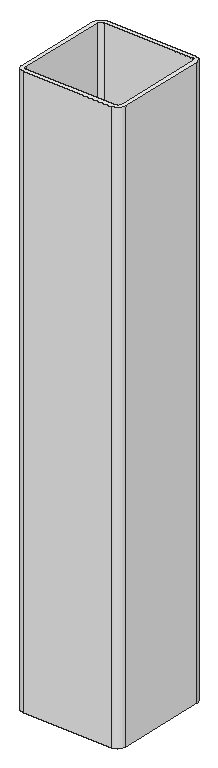
Revit family
Parameters (values of type "TUB450x450x16")
  기둥 재료 [instance] = 금속 - 스틸 - 345 MPa
  Assembly Code = ""
  A = 0.027 m²
  Ht = 450 mm
  W = 2.0539
  모양 = "정사각형"
  b = 450 mm
  kr = 2 * t  # 32 mm
  t = 16 mm
Reference planes
  plane 1 "중심(앞/뒤)": y = 0
  plane 2: z = 0
  plane 3 "중심(왼쪽/오른쪽)": x = 0
  plane 4: x = -225
  plane 5: x = 225
  plane 6: y = 225
  plane 7: y = -225
  plane 8: x = -193
  plane 9: y = -193
  plane 10: y = 193
  plane 11: x = 193
Forms (mm)
  Extrusion 1, solid, material "금속 - 스틸 - 345 MPa" <- "기둥 재료", detail levels medium
    sketch origin (0, 0, 0) x (1, 0, 0) y (0, 1, 0)
      loop
        line (-225, 225) -> (-225, -225) -> (225, -225) -> (225, 225) -> (-225, 225)
      loop
        line (-209, 209) -> (-209, -209) -> (209, -209) -> (209, 209) -> (-209, 209)
    from 0 to 2500
  Extrusion 2, solid, material "금속 - 스틸 - 345 MPa" <- "기둥 재료", detail levels fine
    sketch origin (0, 0, 0) x (1, 0, 0) y (0, 1, 0)
      loop
        arc (-193, 225) -> (-215.627, 215.627) -> (-225, 193) r 32
        line (-225, 193) -> (-225, -193)
        arc (-225, -193) -> (-215.627, -215.627) -> (-193, -225) r 32
        line (-193, -225) -> (193, -225)
        arc (193, -225) -> (215.627, -215.627) -> (225, -193) r 32
        line (225, -193) -> (225, 193)
        arc (225, 193) -> (215.627, 215.627) -> (193, 225) r 32
        line (193, 225) -> (-193, 225)
      loop
        arc (-193, 209) -> (-204.314, 204.314) -> (-209, 193) r 16
        line (-209, 193) -> (-209, -193)
        arc (-209, -193) -> (-204.314, -204.314) -> (-193, -209) r 16
        line (-193, -209) -> (193, -209)
        arc (193, -209) -> (204.314, -204.314) -> (209, -193) r 16
        line (209, -193) -> (209, 193)
        arc (209, 193) -> (204.314, 204.314) -> (193, 209) r 16
        line (193, 209) -> (-193, 209)
    from 0 to 2500
Lines and regions (mm)
  symbolic lines, style "StructuralColumnStickSymbols", detail levels coarse
    curve 1: line (-225, 225, 0) -> (225, 225, 0)
    curve 2: line (-225, -225, 0) -> (225, -225, 0)
    curve 5: line (-225, 225, 0) -> (-225, -225, 0)
    curve 6: line (225, 225, 0) -> (225, -225, 0)
  symbolic lines, style "숨겨진 면", detail levels medium+fine
    curve 3: line (-209, 0, 0) -> (-209, 0, 2500)
    curve 4: line (209, 0, 2500) -> (209, 0, 0)
Dimensions and locks
  equal spacing: plane 4, plane 3 "중심(왼쪽/오른쪽)", plane 5
  equal spacing: plane 7, plane 1 "중심(앞/뒤)", plane 6
  "Ht": plane 7 to plane 6
  "b": plane 4 to plane 5
  "t": Extrusion 1 sketch curve to plane 5
  "t": plane 4 to Extrusion 1 sketch curve
  "t": Extrusion 1 sketch curve to plane 6
  "t": Extrusion 1 sketch curve to plane 7
  "t": Extrusion 2 sketch curve to plane 6
  "t": Extrusion 2 sketch curve to plane 5
  "t": plane 4 to Extrusion 2 sketch curve
  "t": Extrusion 2 sketch curve to plane 7
  "kr": plane 10 to plane 6
  "kr": plane 7 to plane 9
  "kr": plane 11 to plane 5
  "kr": plane 4 to plane 8
  aligned and locked: plane 6 to Extrusion 1 sketch curve
  aligned and locked: Extrusion 1 sketch curve to plane 7
  aligned and locked: Extrusion 1 sketch curve to plane 4
  aligned and locked: plane 5 to Extrusion 1 sketch curve
  aligned and locked: level to Extrusion 1
  aligned and locked: level to plane 2
  aligned and locked: Extrusion 1 to plane 2
  aligned and locked: curve 1 to Extrusion 2 sketch curve
  aligned and locked: Extrusion 2 sketch curve to Extrusion 1
  aligned and locked: level to Extrusion 2
  aligned and locked: curve 4 to Extrusion 2
  aligned and locked: curve 3 to Extrusion 2
Automatic sketch dimensions
  Extrusion 2 sketch curve to plane 8 = 0 mm  (x4)
  Extrusion 2 sketch curve to plane 7 = 0 mm
  Extrusion 2 sketch curve to plane 11 = 0 mm
  Extrusion 2 sketch curve to plane 10 = 0 mm  (x2)
  Extrusion 2 sketch curve to plane 9 = 0 mm  (x2)
  curve 3 to level = 0 mm  (x2)
  curve 4 to level = 0 mm  (x2)
  curve 5 to plane 4 = 0 mm
  curve 2 to plane 5 = 0 mm
  curve 5 to plane 7 = 0 mm
  curve 5 to plane 6 = 0 mm
